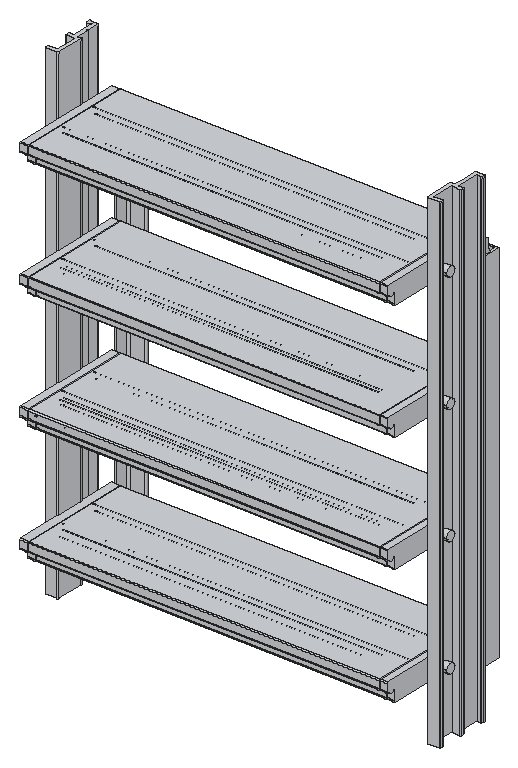
Revit family "95 BELLA VISTA HEAVY KISS PIVOT PANEL)", category Generic Models, Revit 2018
Family settings
  Can host rebar = No
  Round Connector Dimension = Use Diameter
  Part Type = Normal
  Work Plane-Based = No
  Always vertical = Yes
  Cut with Voids When Loaded = No
  Shared = No
  Room Calculation Point = No
Parameters
  STEPPED CHANNEL [instance] = none
  SPACING [instance] = 90 mm  # constant formula
  LOUVRE BLADE ANGLE [instance] = 0.00°
  MIN LENGTH LIMIT [instance] = if(LENGTH < 100 mm, 100 mm, LENGTH)  # 300 mm
  LENGTH [instance] = 300 mm
  MIN HEIGHT LIMIT [instance] = if(HEIGHT < 191.5 mm, 191.5 mm, HEIGHT)  # 371.5 mm
  FIXED HEIGHT [instance] = NUMBER OF BLADES * SPACING + 11.5 mm  # 371.5 mm
  HEIGHT [instance] = 371.5 mm
  END CAP [instance] = none
  DRIVE ARM [instance] = none
  NUMBER OF BLADES [instance] = if(rounddown((HEIGHT - 11.5 mm) / SPACING) < 2, 2, rounddown((HEIGHT - 11.5 mm) / SPACING))  # 4
  ANGLE RESTRICTIONS [instance] = if(LOUVRE BLADE ANGLE < 0.00°, 0.00°, if(LOUVRE BLADE ANGLE > 90.00°, 90.00°, LOUVRE BLADE ANGLE))  # 0.00°
  95 BELLA VISTA HEAVY LOUVRE BLADE [instance] = none
Reference planes
  plane 1 "Center (Front/Back)": y = 0
  plane 2: z = 0
  plane 3 "Center (Left/Right)": x = 0
  plane 4: z = 49.15
  plane 5: z = 371.5
  plane 6: x = -150
  plane 7: x = 150
  plane 8: z = 139.15
  plane 9: z = 229.15
  plane 10: z = 319.15
Forms (mm)
  Extrusion 1, solid, material <- "STEPPED CHANNEL"
    sketch origin (338.996, 0, 0) x (1, 0, 0) y (0, 1, 0)
      loop
        line (-488.496, 28.052) -> (-485.196, 28.052) -> (-485.196, 11.348) -> (-488.496, 11.348)
        arc (-488.496, 11.348) -> (-488.849, 11.202) -> (-488.996, 10.848) r 0.5
        line (-488.996, 10.848) -> (-488.996, 8.848)
        arc (-488.996, 8.848) -> (-488.849, 8.494) -> (-488.496, 8.348) r 0.5
        line (-488.496, 8.348) -> (-481.996, 8.348) -> (-481.996, -8.348) -> (-488.496, -8.348)
        arc (-488.496, -8.348) -> (-488.849, -8.494) -> (-488.996, -8.848) r 0.5
        line (-488.996, -8.848) -> (-488.996, -10.814)
        arc (-488.996, -10.814) -> (-488.839, -11.192) -> (-488.461, -11.348) r 0.534
        line (-488.461, -11.348) -> (-479.996, -11.348)
        arc (-479.996, -11.348) -> (-479.289, -11.055) -> (-478.996, -10.348) r 1
        line (-478.996, -10.348) -> (-478.996, 10.348)
        arc (-478.996, 10.348) -> (-479.289, 11.055) -> (-479.996, 11.348) r 1
        line (-479.996, 11.348) -> (-482.196, 11.348) -> (-482.196, 20.45) -> (-482.91, 20.95) -> (-482.196, 21.45) -> (-482.196, 30.544)
        arc (-482.196, 30.544) -> (-482.344, 30.903) -> (-482.704, 31.052) r 0.508
        line (-482.704, 31.052) -> (-488.461, 31.052)
        arc (-488.461, 31.052) -> (-488.839, 30.895) -> (-488.996, 30.518) r 0.534
        line (-488.996, 30.518) -> (-488.996, 28.552)
        arc (-488.996, 28.552) -> (-488.849, 28.198) -> (-488.496, 28.052) r 0.5
    from 0 to 371.5
  Extrusion 2, solid, material <- "STEPPED CHANNEL"
    sketch origin (-338.996, 0, 0) x (-1, 0, 0) y (0, -1, 0)
      loop
        arc (-488.496, -28.052) -> (-488.849, -28.198) -> (-488.996, -28.552) r 0.5
        line (-488.996, -28.552) -> (-488.996, -30.518)
        arc (-488.996, -30.518) -> (-488.839, -30.895) -> (-488.461, -31.052) r 0.534
        line (-488.461, -31.052) -> (-482.704, -31.052)
        arc (-482.704, -31.052) -> (-482.344, -30.903) -> (-482.196, -30.544) r 0.508
        line (-482.196, -30.544) -> (-482.196, -21.45) -> (-482.91, -20.95) -> (-482.196, -20.45) -> (-482.196, -11.348) -> (-479.996, -11.348)
        arc (-479.996, -11.348) -> (-479.289, -11.055) -> (-478.996, -10.348) r 1
        line (-478.996, -10.348) -> (-478.996, 10.348)
        arc (-478.996, 10.348) -> (-479.289, 11.055) -> (-479.996, 11.348) r 1
        line (-479.996, 11.348) -> (-488.461, 11.348)
        arc (-488.461, 11.348) -> (-488.839, 11.192) -> (-488.996, 10.814) r 0.534
        line (-488.996, 10.814) -> (-488.996, 8.848)
        arc (-488.996, 8.848) -> (-488.849, 8.494) -> (-488.496, 8.348) r 0.5
        line (-488.496, 8.348) -> (-481.996, 8.348) -> (-481.996, -8.348) -> (-488.496, -8.348)
        arc (-488.496, -8.348) -> (-488.849, -8.494) -> (-488.996, -8.848) r 0.5
        line (-488.996, -8.848) -> (-488.996, -10.848)
        arc (-488.996, -10.848) -> (-488.849, -11.202) -> (-488.496, -11.348) r 0.5
        line (-488.496, -11.348) -> (-485.196, -11.348) -> (-485.196, -28.052) -> (-488.496, -28.052)
    from 0 to 371.5
Dimensions and locks
  equal spacing: plane 6, plane 3 "Center (Left/Right)", plane 7
  "MIN LENGTH LIMIT": plane 6 to plane 7
  locked: plane 6 to nested 2 at 10.6
  locked: plane 7 to nested 3 at 10.6
  "MIN HEIGHT LIMIT": plane 5 to plane 2
  equal spacing: group 1, group 2, group 3, group 4  (x3)
  aligned and locked: level to plane 2
  aligned and locked: plane 5 to Extrusion 1
  aligned and locked: plane 5 to Extrusion 2
Automatic sketch dimensions
  Extrusion 1 sketch curve to plane 6 = 0 mm  (x3)
  Extrusion 1 sketch curve to Extrusion 1 sketch curve = 0.5 mm  (x5)
  plane 6 to Extrusion 1 sketch curve = 0.5 mm
  plane 6 to Extrusion 1 sketch curve = 0.534 mm  (x2)
  Extrusion 1 sketch curve to Extrusion 1 sketch curve = 3.3 mm
  plane 6 to Extrusion 1 sketch curve = 6.086 mm
  Extrusion 1 sketch curve to Extrusion 1 sketch curve = 2.492 mm
  Extrusion 1 sketch curve to Extrusion 1 sketch curve = 3 mm
  Extrusion 1 sketch curve to Extrusion 1 sketch curve = 0.508 mm
  Extrusion 1 sketch curve to Extrusion 1 sketch curve = 6.5 mm
  Extrusion 1 sketch curve to Extrusion 1 sketch curve = 2.2 mm
  Extrusion 1 sketch curve to Extrusion 1 sketch curve = 2 mm  (x3)
  Extrusion 1 sketch curve to Extrusion 1 sketch curve = 1 mm
  plane 1 "Center (Front/Back)" to Extrusion 1 sketch curve = 11.348 mm
  Extrusion 1 sketch curve to Extrusion 1 sketch curve = 1.966 mm  (x2)
  Extrusion 1 sketch curve to plane 1 "Center (Front/Back)" = 8.348 mm
  Extrusion 1 sketch curve to Extrusion 1 sketch curve = 9.102 mm
  Extrusion 1 sketch curve to Extrusion 1 sketch curve = 6.602 mm
  Extrusion 2 sketch curve to plane 7 = 0 mm  (x3)
  Extrusion 2 sketch curve to Extrusion 2 sketch curve = 0.5 mm  (x5)
  plane 7 to Extrusion 2 sketch curve = 0.5 mm
  plane 7 to Extrusion 2 sketch curve = 0.534 mm  (x2)
  Extrusion 2 sketch curve to Extrusion 2 sketch curve = 3.3 mm
  plane 7 to Extrusion 2 sketch curve = 6.086 mm
  Extrusion 2 sketch curve to Extrusion 2 sketch curve = 2.492 mm
  Extrusion 2 sketch curve to Extrusion 2 sketch curve = 3 mm
  Extrusion 2 sketch curve to Extrusion 2 sketch curve = 0.508 mm
  Extrusion 2 sketch curve to Extrusion 2 sketch curve = 6.5 mm
  Extrusion 2 sketch curve to Extrusion 2 sketch curve = 2.2 mm
  Extrusion 2 sketch curve to Extrusion 2 sketch curve = 2 mm  (x3)
  Extrusion 2 sketch curve to Extrusion 2 sketch curve = 1 mm
  Extrusion 2 sketch curve to plane 1 "Center (Front/Back)" = 31.052 mm
  Extrusion 2 sketch curve to Extrusion 2 sketch curve = 1.966 mm
  Extrusion 2 sketch curve to Extrusion 2 sketch curve = 6.602 mm
  Extrusion 2 sketch curve to Extrusion 2 sketch curve = 9.102 mm
  Extrusion 2 sketch curve to Extrusion 2 sketch curve = 0 mm
  plane 1 "Center (Front/Back)" to Extrusion 2 sketch curve = 8.348 mm
Nested families
  nested 1: "BLADE 1" at (0, 0, 49.15), type "BLADE 1"
  nested 2: "DRIVE ARM 1" at (-139.4, 0.4, -46.85), type "DRIVE ARM 1"
  nested 3: "DRIVE ARM 1" at (139.4, 0.4, -46.85) x (-1, 0, 0) z (0, 0, 1), type "DRIVE ARM 1"
  nested 4: "BLADE 1" at (0, 0, 139.15), type "BLADE 1"
  nested 5: "BLADE 1" at (0, 0, 229.15), type "BLADE 1"
  nested 6: "BLADE 1" at (0, 0, 319.15), type "BLADE 1"
Definition of nested family "BLADE 1"
  Parameters (values of type "BLADE 1")
    LENGTH = 300 mm
    END CAP = none
    ANGLE = 0.00°
    95 BELLA VISTA HEAVY LOUVRE BLADE = none
  Reference planes
    plane 1 "Center (Front/Back)": y = 0
    plane 2: z = 0
    plane 3 "Center (Left/Right)": x = 0
  Lines and regions (mm)
    reference lines
      curve 1: line (0, 0, 0) -> (0, -30, 0)
  Dimensions and locks
    "ANGLE": angle curve 1 to plane 2
    aligned and locked: level to plane 2
    aligned and locked: plane 1 "Center (Front/Back)" to curve 1
    aligned and locked: plane 2 to curve 1
  Nested families
    nested 1: "95 BELLA VISTA HEAVY BLADE AND END CAP" at (0, 0, 0), type "95 BELLA VISTA HEAVY BLADE AND END CAP"
  Definition of nested family "95 BELLA VISTA HEAVY BLADE AND END CAP"
    Parameters (values of type "95 BELLA VISTA HEAVY BLADE AND END CAP")
      LENGTH = 300 mm
      END CAP = none
      Default Elevation = 1219.2 mm
      95 BELLA VISTA HEAVY LOUVRE BLADE = none
    Reference planes
      plane 1 "Center (Front/Back)": y = 0
      plane 2: z = 0
      plane 3 "Center (Left/Right)": x = 0
      plane 4: x = -133.4
      plane 5: x = 133.4
      plane 6: x = -150
      plane 7: x = 150
    Forms (mm)
      Extrusion 1, solid, material <- "95 BELLA VISTA HEAVY LOUVRE BLADE"
        sketch origin (-125, -0.65, 0) x (0, 1, 0) y (0, 0, 1)
          loop
            line (-46.92, 8.1) -> (-47.5, 7.52) -> (-47.5, 1.5)
            arc (-47.5, 1.5) -> (-47.354, 1.146) -> (-47, 1) r 0.5
            line (-47, 1) -> (-45.55, 1)
            arc (-45.55, 1) -> (-45.15, 1.4) -> (-45.55, 1.8) r 0.4
            line (-45.55, 1.8) -> (-46.5, 1.8) -> (-46.5, 3.1) -> (-40.9, 3.1) -> (-40.9, 1.8) -> (-41.75, 1.8)
            arc (-41.75, 1.8) -> (-42.15, 1.4) -> (-41.75, 1) r 0.4
            line (-41.75, 1) -> (-40.5, 1) -> (-40.5, -7.497)
            arc (-40.5, -7.497) -> (-40.323, -7.923) -> (-39.897, -8.1) r 0.603
            line (-39.897, -8.1) -> (46.886, -8.1) -> (47.5, -7.527) -> (47.5, -1.567)
            arc (47.5, -1.567) -> (47.334, -1.166) -> (46.933, -1) r 0.567
            line (46.933, -1) -> (40.5, -1) -> (40.5, 7.514) -> (39.914, 8.1) -> (-46.92, 8.1)
          loop
            arc (-45.609, 6.8) -> (-46.027, 6.627) -> (-46.2, 6.209) r 0.591
            line (-46.2, 6.209) -> (-46.2, 4.995)
            arc (-46.2, 4.995) -> (-46.026, 4.574) -> (-45.605, 4.4) r 0.595
            line (-45.605, 4.4) -> (-40.169, 4.4)
            arc (-40.169, 4.4) -> (-39.779, 4.251) -> (-39.588, 3.88) r 0.584
            line (-39.588, 3.88) -> (-39.5, 2.298) -> (-39.2, 1.556) -> (-39.2, -6.8) -> (-16.205, -6.8)
            arc (-16.205, -6.8) -> (-15.812, -6.638) -> (-15.65, -6.245) r 0.555
            line (-15.65, -6.245) -> (-15.65, -3.445)
            arc (-15.65, -3.445) -> (-15.772, -3.051) -> (-16.095, -2.793) r 0.7
            arc (-16.095, -2.793) -> (-16.574, -2.554) -> (-17.002, -2.234) r 3
            arc (-17.002, -2.234) -> (-17.052, -1.316) -> (-16.135, -1.266) r 0.65
            arc (-16.135, -1.266) -> (-13.3, 0) -> (-16.135, 1.266) r 1.7
            arc (-16.135, 1.266) -> (-17.052, 1.316) -> (-17.002, 2.234) r 0.65
            arc (-17.002, 2.234) -> (-16.581, 2.55) -> (-16.11, 2.787) r 3
            arc (-16.11, 2.787) -> (-15.776, 3.056) -> (-15.65, 3.466) r 0.73
            line (-15.65, 3.466) -> (-15.65, 6.3)
            arc (-15.65, 6.3) -> (-15.796, 6.654) -> (-16.15, 6.8) r 0.5
            line (-16.15, 6.8) -> (-45.609, 6.8)
          loop
            arc (-13.928, -2.802) -> (-14.234, -3.043) -> (-14.35, -3.415) r 0.656
            line (-14.35, -3.415) -> (-14.35, -6.243)
            arc (-14.35, -6.243) -> (-14.187, -6.637) -> (-13.793, -6.8) r 0.557
            line (-13.793, -6.8) -> (13.762, -6.8)
            arc (13.762, -6.8) -> (14.178, -6.628) -> (14.35, -6.212) r 0.588
            line (14.35, -6.212) -> (14.35, -3.44)
            arc (14.35, -3.44) -> (14.229, -3.049) -> (13.909, -2.795) r 0.693
            arc (13.909, -2.795) -> (12, 0.008) -> (13.924, 2.8) r 3
            arc (13.924, 2.8) -> (14.233, 3.044) -> (14.35, 3.421) r 0.664
            line (14.35, 3.421) -> (14.35, 6.157)
            arc (14.35, 6.157) -> (14.162, 6.612) -> (13.707, 6.8) r 0.643
            line (13.707, 6.8) -> (-13.85, 6.8)
            arc (-13.85, 6.8) -> (-14.204, 6.654) -> (-14.35, 6.3) r 0.5
            line (-14.35, 6.3) -> (-14.35, 3.441)
            arc (-14.35, 3.441) -> (-14.229, 3.05) -> (-13.908, 2.794) r 0.695
            arc (-13.908, 2.794) -> (-12, -0.011) -> (-13.928, -2.802) r 3
          loop
            arc (39.791, -2.3) -> (39.373, -2.127) -> (39.2, -1.709) r 0.591
            line (39.2, -1.709) -> (39.2, 6.8) -> (16.15, 6.8)
            arc (16.15, 6.8) -> (15.796, 6.654) -> (15.65, 6.3) r 0.5
            line (15.65, 6.3) -> (15.65, 3.445)
            arc (15.65, 3.445) -> (15.772, 3.05) -> (16.094, 2.793) r 0.699
            arc (16.094, 2.793) -> (16.573, 2.554) -> (17.002, 2.234) r 3
            arc (17.002, 2.234) -> (17.052, 1.316) -> (16.135, 1.266) r 0.65
            arc (16.135, 1.266) -> (13.3, 0) -> (16.135, -1.266) r 1.7
            arc (16.135, -1.266) -> (17.052, -1.316) -> (17.002, -2.234) r 0.65
            arc (17.002, -2.234) -> (16.577, -2.552) -> (16.103, -2.79) r 3
            arc (16.103, -2.79) -> (15.774, -3.053) -> (15.65, -3.456) r 0.716
            line (15.65, -3.456) -> (15.65, -6.3)
            arc (15.65, -6.3) -> (15.796, -6.654) -> (16.15, -6.8) r 0.5
            line (16.15, -6.8) -> (46.2, -6.8) -> (46.2, -2.3) -> (39.791, -2.3)
        from -8.4 to 258.4
      Extrusion 2, solid, material <- "END CAP"
        sketch origin (133.4, -53.7, -79.991) x (0, 1, 0) y (0, 0, 1)
          loop
            arc (12.55, 72.494) -> (12.726, 72.068) -> (13.153, 71.891) r 0.603
            line (13.153, 71.891) -> (89.212, 71.891) -> (96.977, 61.754)
            arc (96.977, 61.754) -> (101.994, 60.229) -> (105.05, 64.491) r 4.5
            arc (105.05, 64.491) -> (104.811, 65.936) -> (104.122, 67.227) r 4.5
            line (104.122, 67.227) -> (100.55, 71.891) -> (100.55, 78.424)
            arc (100.55, 78.424) -> (100.383, 78.825) -> (99.982, 78.991) r 0.567
            line (99.982, 78.991) -> (93.55, 78.991) -> (93.55, 87.504) -> (92.963, 88.091) -> (6.13, 88.091) -> (5.55, 87.51) -> (5.55, 81.491)
            arc (5.55, 81.491) -> (5.696, 81.137) -> (6.05, 80.991) r 0.5
            line (6.05, 80.991) -> (7.9, 80.991)
            arc (7.9, 80.991) -> (9.4, 79.491) -> (10.9, 80.991) r 1.5
            line (10.9, 80.991) -> (12.55, 80.991) -> (12.55, 72.494)
        from 0 to 6
      Extrusion 3, solid, material <- "END CAP"
        sketch origin (139.4, 0, 0) x (0, 1, 0) y (0, 0, 1)
          loop
            circle (0, 0) r 5.6
        from 0 to 0.6
      Extrusion 4, solid, material <- "END CAP"
        sketch origin (140, 0, 0) x (0, 1, 0) y (0, 0, 1)
          loop
            circle (0, 0) r 3.45
        from 0 to 9
      Extrusion 5, solid, material <- "END CAP"
        sketch origin (-133.4, -0.65, 0) x (0, -1, 0) y (0, 0, 1)
          loop
            line (40.5, -7.497) -> (40.5, 1) -> (42.15, 1)
            arc (42.15, 1) -> (43.65, -0.5) -> (45.15, 1) r 1.5
            line (45.15, 1) -> (47, 1)
            arc (47, 1) -> (47.354, 1.146) -> (47.5, 1.5) r 0.5
            line (47.5, 1.5) -> (47.5, 7.52) -> (46.92, 8.1) -> (-39.914, 8.1) -> (-40.5, 7.514) -> (-40.5, -1) -> (-46.933, -1)
            arc (-46.933, -1) -> (-47.334, -1.166) -> (-47.5, -1.567) r 0.567
            line (-47.5, -1.567) -> (-47.5, -8.1) -> (-51.072, -12.764)
            arc (-51.072, -12.764) -> (-51.762, -14.055) -> (-52, -15.5) r 4.5
            arc (-52, -15.5) -> (-48.945, -19.762) -> (-43.928, -18.236) r 4.5
            line (-43.928, -18.236) -> (-36.163, -8.1) -> (39.897, -8.1)
            arc (39.897, -8.1) -> (40.323, -7.923) -> (40.5, -7.497) r 0.603
        from 0 to 6
      Extrusion 6, solid, material <- "END CAP"
        sketch origin (-139.4, -0.65, 0) x (0, -1, 0) y (0, 0, 1)
          loop
            circle (-0.65, 0) r 5.6
        from 0 to 0.6
      Extrusion 7, solid, material <- "END CAP"
        sketch origin (-140, -0.65, 0) x (0, -1, 0) y (0, 0, 1)
          loop
            circle (-0.65, 0) r 3.45
        from 0 to 9
    Dimensions and locks
      locked: plane 6 to plane 4 at 16.6
      locked: plane 7 to plane 5 at 16.6
      equal spacing: plane 6, plane 3 "Center (Left/Right)", plane 7
      "LENGTH": plane 6 to plane 7
      aligned and locked: level to plane 2
      aligned and locked: Extrusion 1 to plane 4
      aligned and locked: Extrusion 1 to plane 5
    Automatic sketch dimensions
      Extrusion 1 sketch curve to Extrusion 1 sketch curve = 0 mm  (x33)
      Extrusion 1 sketch curve to level = 0 mm  (x2)
      level to Extrusion 1 sketch curve = 7.52 mm
      plane 1 "Center (Front/Back)" to Extrusion 1 sketch curve = 48.15 mm
      Extrusion 1 sketch curve to Extrusion 1 sketch curve = 0.5 mm  (x5)
      level to Extrusion 1 sketch curve = 8.1 mm
      Extrusion 1 sketch curve to Extrusion 1 sketch curve = 0.58 mm
      Extrusion 1 sketch curve to Extrusion 1 sketch curve = 1.3 mm  (x6)
      Extrusion 1 sketch curve to Extrusion 1 sketch curve = 0.591 mm  (x2)
      Extrusion 1 sketch curve to Extrusion 1 sketch curve = 0.595 mm
      Extrusion 1 sketch curve to Extrusion 1 sketch curve = 0.95 mm
      level to Extrusion 1 sketch curve = 1.8 mm
      Extrusion 1 sketch curve to Extrusion 1 sketch curve = 3.8 mm
      Extrusion 1 sketch curve to Extrusion 1 sketch curve = 0.85 mm
      Extrusion 1 sketch curve to Extrusion 1 sketch curve = 1.25 mm
      Extrusion 1 sketch curve to Extrusion 1 sketch curve = 0.731 mm
      Extrusion 1 sketch curve to Extrusion 1 sketch curve = 0.603 mm
      level to Extrusion 1 sketch curve = 3.88 mm
      Extrusion 1 sketch curve to Extrusion 1 sketch curve = 0.581 mm
      level to Extrusion 1 sketch curve = 2.298 mm
      Extrusion 1 sketch curve to Extrusion 1 sketch curve = 1.4 mm
      Extrusion 1 sketch curve to Extrusion 1 sketch curve = 0.697 mm  (x2)
      Extrusion 1 sketch curve to level = 1.75 mm
      plane 1 "Center (Front/Back)" to Extrusion 1 sketch curve = 17.218 mm
      level to Extrusion 1 sketch curve = 1.75 mm  (x2)
      Extrusion 1 sketch curve to Extrusion 1 sketch curve = 0.188 mm
      Extrusion 1 sketch curve to Extrusion 1 sketch curve = 0.218 mm
      Extrusion 1 sketch curve to Extrusion 1 sketch curve = 0.146 mm
      Extrusion 1 sketch curve to Extrusion 1 sketch curve = 0.23 mm
      Extrusion 1 sketch curve to Extrusion 1 sketch curve = 0.73 mm
      Extrusion 1 sketch curve to Extrusion 1 sketch curve = 0.555 mm
      Extrusion 1 sketch curve to Extrusion 1 sketch curve = 1.568 mm
      Extrusion 1 sketch curve to Extrusion 1 sketch curve = 0.557 mm
      Extrusion 1 sketch curve to Extrusion 1 sketch curve = 0.656 mm
      Extrusion 1 sketch curve to Extrusion 1 sketch curve = 0.695 mm
      Extrusion 1 sketch curve to level = 3.44 mm
      Extrusion 1 sketch curve to plane 1 "Center (Front/Back)" = 13.007 mm
      Extrusion 1 sketch curve to Extrusion 1 sketch curve = 0.029 mm
      Extrusion 1 sketch curve to Extrusion 1 sketch curve = 0.022 mm
      Extrusion 1 sketch curve to Extrusion 1 sketch curve = 0.106 mm
      Extrusion 1 sketch curve to Extrusion 1 sketch curve = 0.643 mm
      Extrusion 1 sketch curve to Extrusion 1 sketch curve = 0.693 mm
      Extrusion 1 sketch curve to Extrusion 1 sketch curve = 0.65 mm
      Extrusion 1 sketch curve to Extrusion 1 sketch curve = 0.699 mm
      Extrusion 1 sketch curve to Extrusion 1 sketch curve = 0.716 mm
      Extrusion 1 sketch curve to Extrusion 1 sketch curve = 0.202 mm
      Extrusion 1 sketch curve to Extrusion 1 sketch curve = 0.219 mm
      Extrusion 1 sketch curve to level = 1.709 mm
      Extrusion 1 sketch curve to Extrusion 1 sketch curve = 22.632 mm
      Extrusion 1 sketch curve to Extrusion 1 sketch curve = 0.714 mm
      level to Extrusion 1 sketch curve = 7.514 mm
      Extrusion 1 sketch curve to Extrusion 1 sketch curve = 0.586 mm
      Extrusion 1 sketch curve to Extrusion 1 sketch curve = 5.7 mm
      Extrusion 1 sketch curve to Extrusion 1 sketch curve = 0.733 mm  (x2)
      Extrusion 1 sketch curve to Extrusion 1 sketch curve = 0.567 mm
      Extrusion 1 sketch curve to Extrusion 1 sketch curve = 1.695 mm
      Extrusion 1 sketch curve to Extrusion 1 sketch curve = 0.016 mm
      Extrusion 1 sketch curve to Extrusion 1 sketch curve = 2.772 mm
      Extrusion 1 sketch curve to Extrusion 1 sketch curve = 0.002 mm
      Extrusion 1 sketch curve to Extrusion 1 sketch curve = 0.088 mm
      Extrusion 1 sketch curve to Extrusion 1 sketch curve = 0.573 mm
      Extrusion 1 sketch curve to Extrusion 1 sketch curve = 0.03 mm
      Extrusion 1 sketch curve to Extrusion 1 sketch curve = 1.04 mm
      Extrusion 1 sketch curve to Extrusion 1 sketch curve = 0.8 mm
      level to Extrusion 1 sketch curve = 1 mm
      Extrusion 1 sketch curve to Extrusion 1 sketch curve = 0.4 mm
      Extrusion 1 sketch curve to Extrusion 1 sketch curve = 0.743 mm
      Extrusion 1 sketch curve to Extrusion 1 sketch curve = 1.671 mm
      Extrusion 1 sketch curve to Extrusion 1 sketch curve = 1.691 mm
      Extrusion 1 sketch curve to Extrusion 1 sketch curve = 0.024 mm
      Extrusion 1 sketch curve to Extrusion 1 sketch curve = 1.716 mm
      Extrusion 1 sketch curve to Extrusion 1 sketch curve = 0.065 mm
      Extrusion 1 sketch curve to Extrusion 1 sketch curve = 2.737 mm
      Extrusion 1 sketch curve to Extrusion 1 sketch curve = 1.214 mm
      Extrusion 1 sketch curve to Extrusion 1 sketch curve = 0.143 mm
      Extrusion 1 sketch curve to Extrusion 1 sketch curve = 0.434 mm  (x4)
      Extrusion 1 sketch curve to Extrusion 1 sketch curve = 0.614 mm
      Extrusion 2 sketch curve to Extrusion 2 sketch curve = 0 mm  (x2)
      Extrusion 2 sketch curve to Extrusion 1 = 0 mm  (x7)
      Extrusion 1 to Extrusion 2 sketch curve = 0 mm
      Extrusion 1 to Extrusion 2 sketch curve = 1.05 mm
      Extrusion 2 sketch curve to Extrusion 2 sketch curve = 1.5 mm
      Extrusion 1 to Extrusion 2 sketch curve = 3.037 mm
      Extrusion 1 to Extrusion 2 sketch curve = 2.272 mm
      Extrusion 1 to Extrusion 2 sketch curve = 3.572 mm
      Extrusion 1 to Extrusion 2 sketch curve = 4.664 mm
      Extrusion 2 sketch curve to Extrusion 2 sketch curve = 2.736 mm
      Extrusion 3 sketch curve to Extrusion 3 sketch curve = 0 mm  (x2)
      Extrusion 2 to Extrusion 3 sketch curve = 1 mm
      Extrusion 3 sketch curve to Extrusion 2 = 39.85 mm
      Extrusion 3 sketch curve to Extrusion 3 sketch curve = 5.6 mm
      Extrusion 5 sketch curve to Extrusion 5 sketch curve = 0 mm  (x2)
      Extrusion 5 sketch curve to Extrusion 1 = 0 mm  (x8)
      Extrusion 1 to Extrusion 5 sketch curve = 3.572 mm
      Extrusion 1 to Extrusion 5 sketch curve = 2.272 mm
      Extrusion 1 to Extrusion 5 sketch curve = 3.037 mm
      Extrusion 1 to Extrusion 5 sketch curve = 1.25 mm
      Extrusion 5 sketch curve to Extrusion 5 sketch curve = 1.5 mm
      Extrusion 1 to Extrusion 5 sketch curve = 4.664 mm
      Extrusion 5 sketch curve to Extrusion 5 sketch curve = 2.736 mm
      Extrusion 6 sketch curve to Extrusion 6 sketch curve = 0 mm  (x2)
      Extrusion 5 to Extrusion 6 sketch curve = 1 mm
      Extrusion 6 sketch curve to Extrusion 5 = 39.85 mm
      Extrusion 6 sketch curve to Extrusion 6 sketch curve = 5.6 mm
      radius of Extrusion 2 sketch curve to Extrusion 1 = 0 mm  (x3)
      radius of Extrusion 4 sketch curve to Extrusion 3 = 2.15 mm
      radius of Extrusion 5 sketch curve to Extrusion 1 = 0 mm  (x3)
      radius of Extrusion 7 sketch curve to Extrusion 6 = 2.15 mm
Definition of nested family "DRIVE ARM 1"
  Parameters (values of type "DRIVE ARM 1")
    HEIGHT = 371.5 mm
    DRIVE ARM = none
    ANGLE = 0.00°
  Reference planes
    plane 1 "Center (Front/Back)": y = 0
    plane 2: z = 0
    plane 3 "Center (Left/Right)": x = 0
  Lines and regions (mm)
    reference lines
      curve 1: line (0, 0, 0) -> (0, -55, 0)
  Dimensions and locks
    "ANGLE": angle plane 2 to curve 1
    aligned and locked: level to plane 2
    aligned and locked: plane 1 "Center (Front/Back)" to curve 1
    aligned and locked: plane 2 to curve 1
  Nested families
    nested 1: "DRIVE ARM" at (0, -46.85, -15.5), type "DRIVE ARM"
  Definition of nested family "DRIVE ARM"
    Parameters (values of type "DRIVE ARM")
      SPACING = 90 mm  # constant formula
      HEIGHT = 371.5 mm
      Default Elevation = 1219.2 mm
      DRIVE ARM = none
      ARRAY = if(rounddown((HEIGHT - 11.5 mm) / SPACING) < 2, 2, rounddown((HEIGHT - 11.5 mm) / SPACING))  # 4
      ARM HEIGT = (ARRAY * SPACING) - 81 mm  # 279 mm
    Reference planes
      plane 1 "Center (Front/Back)": y = 0
      plane 2: z = 0
      plane 3 "Center (Left/Right)": x = 0
      plane 4: z = 371.5
      plane 5: z = 91.5
      plane 6: z = 49.15
      plane 7: z = 139.15
      plane 8: z = 229.15
      plane 9: z = 319.15
      plane 10: z = 370.5
    Forms (mm)
      Extrusion 1, solid, material <- "DRIVE ARM"
        sketch origin (-11.604, 8.001, 0) x (-1, 0, 0) y (0, -1, 0)
          loop
            line (-22.845, 0) -> (-10.004, 0) -> (-10.004, 12) -> (-11.604, 12) -> (-11.604, 3.202)
            arc (-11.604, 3.202) -> (-12.073, 2.07) -> (-13.205, 1.601) r 1.601
            line (-13.205, 1.601) -> (-24.804, 1.601)
            arc (-24.804, 1.601) -> (-25.916, -0.053) -> (-23.964, -0.457) r 1.201
            arc (-23.964, -0.457) -> (-23.449, -0.119) -> (-22.845, 0) r 1.6
        from 370.5 to 91.5
    Dimensions and locks
      "HEIGHT": plane 4 to plane 2
      equal spacing: group 1, group 2, group 3, group 4  (x3)
      "ARM HEIGT": plane 5 to plane 10
      aligned and locked: level to plane 2
      aligned and locked: Extrusion 1 to plane 10
    Automatic sketch dimensions
      Extrusion 1 sketch curve to plane 3 "Center (Left/Right)" = 0 mm
      plane 3 "Center (Left/Right)" to Extrusion 1 sketch curve = 1.601 mm
      Extrusion 1 sketch curve to Extrusion 1 sketch curve = 9.64 mm
      Extrusion 1 sketch curve to Extrusion 1 sketch curve = 1.96 mm
      Extrusion 1 sketch curve to plane 3 "Center (Left/Right)" = 1.599 mm
      Extrusion 1 sketch curve to plane 1 "Center (Front/Back)" = 9.601 mm
      Extrusion 1 sketch curve to plane 1 "Center (Front/Back)" = 8.001 mm
      Extrusion 1 sketch curve to Extrusion 1 sketch curve = 0.401 mm
      Extrusion 1 sketch curve to Extrusion 1 sketch curve = 1.601 mm
      plane 1 "Center (Front/Back)" to Extrusion 1 sketch curve = 3.999 mm
